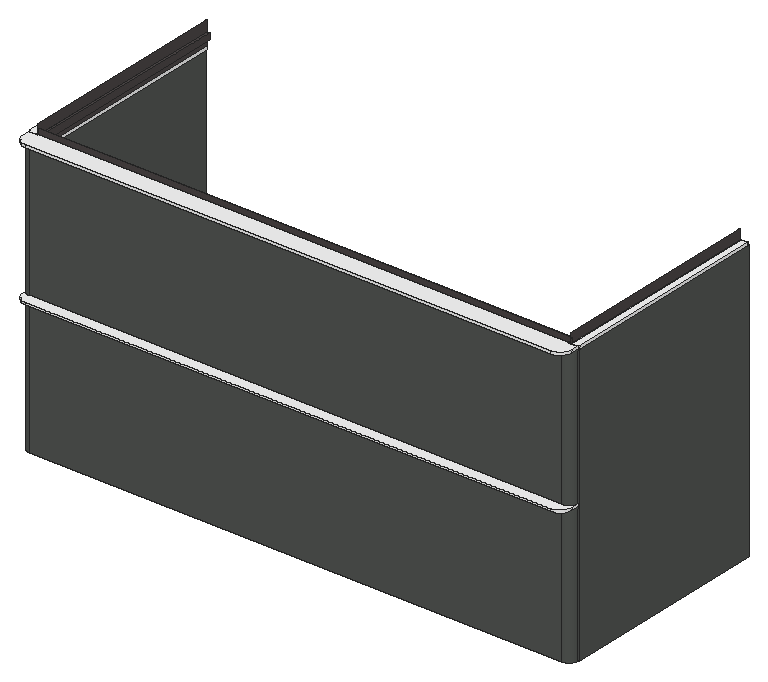
Revit family "vanity unit with 2 drawers", category Furniture, Revit 2019 (continued)
Definition of nested family "vanity unit 780_475 with 2 drawers for washbasin-54029000-natural oak-chrome-200_content"
  Parameters (values of type "Vanity unit 780_475 with 2 drawers for washbasin-54029000-Natural Oak-CHROME-200_Content")
    UNIFORMATII = "E2010 | Fixed Furnishings"
    UNICLASS_2015_CODE = "40_30_78_05"
    UNICLASS2015 = "Pr_40_30_78_05 | Bathroom furniture"
    SURFACE = "CHROME"
    REGIONSET = "Worldwide"
    PRODUCTURL = "https://pro.hansgrohe.com/articledetail--54029000"
    PRODUCTGROUP = "vanity unit"
    PRODUCTFAMILY = "Xelu Q"
    PERMALINK = "54029XXX"
    OMNICLASS = "23-21 19 15 33 13 | Residential Bathroom Specialty Casework"
    OBJECTTYPE = "Object (single object)"
    OBERFLAECHE = "Natural Oak"
    NN = "Vanity Unit with 2 Drawers"
    NBSYN = "$BASENUMBER.-$ARTNR.-$OBERFLAECHE.-$SURFACE.-$LODLEVEL."
    NB = "Vanity unit 780/475 with 2 drawers for washbasin-54029000-Natural Oak-CHROME-200"
    NAME = "Xelu Q Vanity unit Natural Oak 780/475 with 2 drawers for washbasin"
    Model = "Vanity unit 780/475 with 2 drawers for washbasin-54029000-Natural Oak-CHROME-200"
    Manufacturer = "Hansgrohe"
    MASTERFORMAT = "12 35 30.23 | Bathroom Casework"
    LODLEVEL = "200"
    LINA = "Vanity unit 780/475 with 2 drawers for washbasin-54029000-Natural Oak-CHROME-200"
    L = 780
    IFC = "Furnishing element"
    GTINCODE = "4059625455487"
    ETIM = "EC011381 | Bathroom furniture set"
    Default Elevation = 1219.2 mm
    DESIGN = "Germany"
    ContentVisible [instance] = yes
    CATALOG = "Hansgrohe"
    BIMOBJECT = "Sanitary: Compound units"
    BASENUMBER = "Vanity unit 780/475 with 2 drawers for washbasin"
    ARTNR = "54029000"
  Reference planes
    plane 1 "Center (Front/Back)": y = 0
    plane 2: z = 0
    plane 3 "Center (Left/Right)": x = 0
  Forms (mm)
    Extrusion 1, solid, visible <- "ContentVisible", detail levels medium+fine
      sketch origin (0, 0, 0) x (1, 0, 0) y (0, 1, 0)
        loop
          line (-390, 0) -> (-390, -476) -> (390, -476) -> (390, 0) -> (374, 0) -> (374, -72) -> (-374, -72) -> (-374, 0) -> (-390, 0)
      from 0 to 600
    Extrusion 2, solid, visible <- "ContentVisible", detail levels medium+fine
      sketch origin (0, 0, 297) x (1, 0, 0) y (0, 1, 0)
        loop
          line (-388.5, -453.5) -> (-388.5, -496) -> (388.5, -496) -> (388.5, -453.5) -> (-388.5, -453.5)
      from 0 to 5
    Extrusion 3, solid, visible <- "ContentVisible", detail levels medium+fine
      sketch origin (0, 0, 600) x (1, 0, 0) y (0, 1, 0)
        loop
          line (-388.5, -453.5) -> (-388.5, -496) -> (388.5, -496) -> (388.5, -453.5) -> (-388.5, -453.5)
      from 0 to 5
    Extrusion 4, solid, visible <- "ContentVisible", detail levels medium+fine
      sketch origin (0, 0, 0) x (1, 0, 0) y (0, 0, -1)
        loop
          line (-374, -566.8) -> (-374, -605) -> (-372.5, -605) -> (-372.5, -566.8) -> (-374, -566.8)
      from -455 to 0
    Extrusion 5, solid, visible <- "ContentVisible", detail levels medium+fine
      sketch origin (0, 0, 0) x (1, 0, 0) y (0, 0, -1)
        loop
          line (372.5, -566.8) -> (372.5, -605) -> (374, -605) -> (374, -566.8) -> (372.5, -566.8)
      from -455 to 0
    Extrusion 6, solid, visible <- "ContentVisible", detail levels medium+fine
      sketch origin (0, 0, 600) x (1, 0, 0) y (0, 1, 0)
        loop
          line (-390, 0) -> (-390, -455) -> (-374, -455) -> (-374, 0) -> (-390, 0)
      from 0 to 5
    Extrusion 7, solid, visible <- "ContentVisible", detail levels medium+fine
      sketch origin (0, 0, 600) x (1, 0, 0) y (0, 1, 0)
        loop
          line (374, 0) -> (374, -455) -> (390, -455) -> (390, 0) -> (374, 0)
      from 0 to 5
    Extrusion 8, solid, visible <- "ContentVisible", detail levels medium+fine
      sketch origin (0, 0, 0) x (1, 0, 0) y (0, 0, -1)
        loop
          line (-372.5, -575.3) -> (-372.5, -624.5) -> (-366.4, -624.5) -> (-366.4, -575.3) -> (-372.5, -575.3)
      from -453.5 to 0
    Extrusion 9, solid, visible <- "ContentVisible", detail levels medium+fine
      sketch origin (0, 0, 0) x (1, 0, 0) y (0, 0, -1)
        loop
          line (366.4, -575.3) -> (366.4, -624.5) -> (372.5, -624.5) -> (372.5, -575.3) -> (366.4, -575.3)
      from -453.5 to 0
    Extrusion 10, solid, visible <- "ContentVisible", detail levels medium+fine
      sketch origin (0, 0, 0) x (0, 0, -1) y (0, 1, 0)
        loop
          line (-616, -453.5) -> (-567, -453.5) -> (-567, -447.4) -> (-616, -447.4) -> (-616, -453.5)
      from -372.5 to 372.5
    Extrusion 11, solid, visible <- "ContentVisible", detail levels coarse
      sketch origin (0, -248, 0) x (1, 0, 0) y (0, 1, 0)
        loop
          line (-390, -248) -> (390, -248) -> (390, 248) -> (-390, 248) -> (-390, -248)
      from 0 to 624.5
  Dimensions and locks
    aligned and locked: level to plane 2
Definition of nested family "vanity unit 780_475 with 2 drawers for washbasin-54029000-natural oak-chrome-400_content"
  Parameters (values of type "Vanity unit 780_475 with 2 drawers for washbasin-54029000-Natural Oak-CHROME-400_Content")
    etim7_EC011381 = "EC011381"
    WEIGHT = "33.3"
    UNSPSC = "56 | Furniture and Furnishings"
    UNIFORMATII = "E2010 | Fixed Furnishings"
    UNICLASS_2015_CODE = "40_30_78_05"
    UNICLASS2015 = "Pr_40_30_78_05 | Bathroom furniture"
    SURFACE = "CHROME"
    REGIONSET = "Worldwide"
    PRODUCTURL = "https://pro.hansgrohe.com/articledetail--54029000"
    PRODUCTGROUP = "vanity unit"
    PRODUCTFAMILY = "Xelu Q"
    PERMALINK = "54029XXX"
    OMNICLASS = "23-21 19 15 33 13 | Residential Bathroom Specialty Casework"
    OBJECTTYPE = "Object (single object)"
    OBERFLAECHE = "Natural Oak"
    NN = "Vanity Unit with 2 Drawers"
    NBSYN = "$BASENUMBER.-$ARTNR.-$OBERFLAECHE.-$SURFACE.-$LODLEVEL."
    NB = "Vanity unit 780/475 with 2 drawers for washbasin-54029000-Natural Oak-CHROME-400"
    NAME = "Xelu Q Vanity unit Natural Oak 780/475 with 2 drawers for washbasin"
    Model = "Vanity unit 780/475 with 2 drawers for washbasin-54029000-Natural Oak-CHROME-400"
    Manufacturer = "Hansgrohe"
    MASTERFORMAT = "12 35 30.23 | Bathroom Casework"
    LODLEVEL = "400"
    LINA = "Vanity unit 780/475 with 2 drawers for washbasin-54029000-Natural Oak-CHROME-400"
    L = 780
    IFC = "Furnishing element"
    GTINCODE = "4059625455487"
    ETIM = "EC011381 | Bathroom furniture set"
    Default Elevation = 1219.2 mm
    DESIGN = "Germany"
    ContentVisible [instance] = yes
    CATALOG = "Hansgrohe"
    BIMOBJECT = "Sanitary: Compound units"
    BASENUMBER = "Vanity unit 780/475 with 2 drawers for washbasin"
    ARTNR = "54029000"
  Reference planes
    plane 1 "Center (Front/Back)": y = 0
    plane 2: z = 0
    plane 3 "Center (Left/Right)": x = 0
  Forms (mm)
    Extrusion 1, solid, visible <- "ContentVisible", detail levels medium+fine
      sketch origin (0, 0, 0) x (1, 0, 0) y (0, 1, 0)
        loop
          line (-390, 0) -> (-390, -452)
          arc (-390, -452) -> (-389.121, -454.121) -> (-387, -455) r 3
          line (-387, -455) -> (-374, -455) -> (-374, 0) -> (-390, 0)
      from 0 to 600
    Extrusion 2, solid, visible <- "ContentVisible", detail levels medium+fine
      sketch origin (0, 0, 2) x (1, 0, 0) y (0, 1, 0)
        loop
          line (-374, -88) -> (-374, -455) -> (374, -455) -> (374, -88) -> (-374, -88)
      from 0 to 16
    Extrusion 3, solid, visible <- "ContentVisible", detail levels medium+fine
      sketch origin (0, 0, 0) x (1, 0, 0) y (0, 1, 0)
        loop
          line (374, 0) -> (374, -455) -> (387, -455)
          arc (387, -455) -> (389.121, -454.121) -> (390, -452) r 3
          line (390, -452) -> (390, 0) -> (374, 0)
      from 0 to 600
    Extrusion 4, solid, visible <- "ContentVisible", detail levels medium+fine
      sketch origin (0, 0, 2) x (1, 0, 0) y (0, 1, 0)
        loop
          line (-374, -72) -> (-374, -88) -> (374, -88) -> (374, -72) -> (-374, -72)
      from 0 to 126
    Extrusion 5, solid, visible <- "ContentVisible", detail levels medium+fine
      sketch origin (0, 0, 2) x (1, 0, 0) y (0, 1, 0)
        loop
          arc (-390, -457) -> (-384.435, -470.435) -> (-371, -476) r 19
          line (-371, -476) -> (371, -476)
          arc (371, -476) -> (384.435, -470.435) -> (390, -457) r 19
          line (390, -457) -> (390, -455) -> (-390, -455) -> (-390, -457)
      from 0 to 295
    Extrusion 6, solid, visible <- "ContentVisible", detail levels medium+fine
      sketch origin (0, 0, 305) x (1, 0, 0) y (0, 1, 0)
        loop
          arc (-390, -457) -> (-384.435, -470.435) -> (-371, -476) r 19
          line (-371, -476) -> (371, -476)
          arc (371, -476) -> (384.435, -470.435) -> (390, -457) r 19
          line (390, -457) -> (390, -455) -> (-390, -455) -> (-390, -457)
      from 0 to 295
    Extrusion 7, solid, visible <- "ContentVisible", detail levels medium+fine
      sketch origin (0, 0, 297) x (1, 0, 0) y (0, 1, 0)
        loop
          line (-388.5, -455) -> (-388.5, -471)
          arc (-388.5, -471) -> (-381.178, -488.678) -> (-363.5, -496) r 25
          line (-363.5, -496) -> (363.5, -496)
          arc (363.5, -496) -> (381.178, -488.678) -> (388.5, -471) r 25
          line (388.5, -471) -> (388.5, -455) -> (368.5, -455) -> (368.5, -453.5) -> (-368.5, -453.5) -> (-368.5, -455) -> (-388.5, -455)
      from 0 to 5
    Extrusion 8, solid, visible <- "ContentVisible", detail levels medium+fine
      sketch origin (0, 0, 0) x (0, 0, -1) y (0, 1, 0)
        loop
          line (-297, -453.5) -> (-297, -455) -> (-267, -455) -> (-267, -453.5) -> (-297, -453.5)
      from -368.5 to 368.5
    Extrusion 9, solid, visible <- "ContentVisible", detail levels medium+fine
      sketch origin (0, 0, 600) x (1, 0, 0) y (0, 1, 0)
        loop
          line (-388.5, -455) -> (-388.5, -471)
          arc (-388.5, -471) -> (-381.178, -488.678) -> (-363.5, -496) r 25
          line (-363.5, -496) -> (363.5, -496)
          arc (363.5, -496) -> (381.178, -488.678) -> (388.5, -471) r 25
          line (388.5, -471) -> (388.5, -455) -> (368.5, -455) -> (368.5, -453.5) -> (-368.5, -453.5) -> (-368.5, -455) -> (-388.5, -455)
      from 0 to 5
    Extrusion 10, solid, visible <- "ContentVisible", detail levels medium+fine
      sketch origin (0, 0, 0) x (0, 0, -1) y (0, 1, 0)
        loop
          line (-600, -453.5) -> (-600, -455) -> (-570, -455) -> (-570, -453.5) -> (-600, -453.5)
      from -368.5 to 368.5
    Extrusion 11, solid, visible <- "ContentVisible", detail levels medium+fine
      sketch origin (0, 0, 0) x (1, 0, 0) y (0, 0, -1)
        loop
          line (-374, -566.8) -> (-374, -605) -> (-372.5, -605) -> (-372.5, -566.8) -> (-374, -566.8)
      from -455 to 0
    Extrusion 12, solid, visible <- "ContentVisible", detail levels medium+fine
      sketch origin (0, 0, 0) x (1, 0, 0) y (0, 0, -1)
        loop
          line (372.5, -566.8) -> (372.5, -605) -> (374, -605) -> (374, -566.8) -> (372.5, -566.8)
      from -455 to 0
    Extrusion 13, solid, visible <- "ContentVisible", detail levels medium+fine
      sketch origin (0, 0, 600) x (1, 0, 0) y (0, 1, 0)
        loop
          line (-390, -3) -> (-390, -452)
          arc (-390, -452) -> (-389.121, -454.121) -> (-387, -455) r 3
          line (-387, -455) -> (-374, -455) -> (-374, 0) -> (-387, 0)
          arc (-387, 0) -> (-389.121, -0.879) -> (-390, -3) r 3
      from 0 to 5
    Extrusion 14, solid, visible <- "ContentVisible", detail levels medium+fine
      sketch origin (0, 0, 600) x (1, 0, 0) y (0, 1, 0)
        loop
          line (374, 0) -> (374, -455) -> (387, -455)
          arc (387, -455) -> (389.121, -454.121) -> (390, -452) r 3
          line (390, -452) -> (390, -3)
          arc (390, -3) -> (389.121, -0.879) -> (387, 0) r 3
          line (387, 0) -> (374, 0)
      from 0 to 5
    Extrusion 15, solid, visible <- "ContentVisible", detail levels medium+fine
      sketch origin (0, 0, 0) x (1, 0, 0) y (0, 0, -1)
        loop
          line (-372.5, -575.3) -> (-372.5, -624.5) -> (-371, -624.5) -> (-371, -602.8) -> (-366.4, -602.8) -> (-366.4, -588.3) -> (-371, -588.3) -> (-371, -575.3) -> (-372.5, -575.3)
      from -453.5 to 0
    Extrusion 16, solid, visible <- "ContentVisible", detail levels medium+fine
      sketch origin (0, 0, 0) x (1, 0, 0) y (0, 0, -1)
        loop
          line (366.4, -588.3) -> (366.4, -602.8) -> (371, -602.8) -> (371, -624.5) -> (372.5, -624.5) -> (372.5, -575.3) -> (371, -575.3) -> (371, -588.3) -> (366.4, -588.3)
      from -453.5 to 0
    Extrusion 17, solid, visible <- "ContentVisible", detail levels medium+fine
      sketch origin (0, 0, 0) x (0, 0, -1) y (0, 1, 0)
        loop
          line (-616, -453.5) -> (-567, -453.5) -> (-567, -452) -> (-588.5, -452) -> (-588.5, -447.4) -> (-603, -447.4) -> (-603, -452) -> (-616, -452) -> (-616, -453.5)
      from -372.5 to 372.5
    Extrusion 18, solid, visible <- "ContentVisible", detail levels coarse
      sketch origin (0, -248, 0) x (1, 0, 0) y (0, 1, 0)
        loop
          line (-390, -248) -> (390, -248) -> (390, 248) -> (-390, 248) -> (-390, -248)
      from 0 to 624.5
  Dimensions and locks
    aligned and locked: level to plane 2
Definition of nested family "vanity unit 780_475 with 2 drawers for washbasin-54029670-natural oak-matt_black-200_content"
  Parameters (values of type "Vanity unit 780_475 with 2 drawers for washbasin-54029670-Natural Oak-MATT_BLACK-200_Content")
    etim7_EC011381 = "EC011381"
    WEIGHT = "33.3"
    UNSPSC = "56 | Furniture and Furnishings"
    UNIFORMATII = "E2010 | Fixed Furnishings"
    UNICLASS_2015_CODE = "40_30_78_05"
    UNICLASS2015 = "Pr_40_30_78_05 | Bathroom furniture"
    SURFACE = "MATT_BLACK"
    REGIONSET = "Worldwide"
    PRODUCTURL = "https://pro.hansgrohe.com/articledetail--54029000"
    PRODUCTGROUP = "vanity unit"
    PRODUCTFAMILY = "Xelu Q"
    PERMALINK = "54029XXX"
    OMNICLASS = "23-21 19 15 33 13 | Residential Bathroom Specialty Casework"
    OBJECTTYPE = "Object (single object)"
    OBERFLAECHE = "Natural Oak"
    NN = "Vanity Unit with 2 Drawers"
    NBSYN = "$BASENUMBER.-$ARTNR.-$OBERFLAECHE.-$SURFACE.-$LODLEVEL."
    NB = "Vanity unit 780/475 with 2 drawers for washbasin-54029670-Natural Oak-MATT_BLACK-200"
    NAME = "Xelu Q Vanity unit Natural Oak 780/475 with 2 drawers for washbasin"
    Model = "Vanity unit 780/475 with 2 drawers for washbasin-54029670-Natural Oak-MATT_BLACK-200"
    Manufacturer = "Hansgrohe"
    MASTERFORMAT = "12 35 30.23 | Bathroom Casework"
    LODLEVEL = "200"
    LINA = "Vanity unit 780/475 with 2 drawers for washbasin-54029670-Natural Oak-MATT_BLACK-200"
    L = 780
    IFC = "Furnishing element"
    GTINCODE = "4059625455487"
    ETIM = "EC011381 | Bathroom furniture set"
    Default Elevation = 1219.2 mm
    DESIGN = "Germany"
    ContentVisible [instance] = yes
    CATALOG = "Hansgrohe"
    BIMOBJECT = "Sanitary: Compound units"
    BASENUMBER = "Vanity unit 780/475 with 2 drawers for washbasin"
    ARTNR = "54029670"
  Reference planes
    plane 1 "Center (Front/Back)": y = 0
    plane 2: z = 0
    plane 3 "Center (Left/Right)": x = 0
  Forms (mm)
    Extrusion 1, solid, visible <- "ContentVisible", detail levels medium+fine
      sketch origin (0, 0, 0) x (1, 0, 0) y (0, 1, 0)
        loop
          line (-390, 0) -> (-390, -476) -> (390, -476) -> (390, 0) -> (374, 0) -> (374, -72) -> (-374, -72) -> (-374, 0) -> (-390, 0)
      from 0 to 600
    Extrusion 2, solid, visible <- "ContentVisible", detail levels medium+fine
      sketch origin (0, 0, 297) x (1, 0, 0) y (0, 1, 0)
        loop
          line (-388.5, -453.5) -> (-388.5, -496) -> (388.5, -496) -> (388.5, -453.5) -> (-388.5, -453.5)
      from 0 to 5
    Extrusion 3, solid, visible <- "ContentVisible", detail levels medium+fine
      sketch origin (0, 0, 600) x (1, 0, 0) y (0, 1, 0)
        loop
          line (-388.5, -453.5) -> (-388.5, -496) -> (388.5, -496) -> (388.5, -453.5) -> (-388.5, -453.5)
      from 0 to 5
    Extrusion 4, solid, visible <- "ContentVisible", detail levels medium+fine
      sketch origin (0, 0, 0) x (1, 0, 0) y (0, 0, -1)
        loop
          line (-374, -566.8) -> (-374, -605) -> (-372.5, -605) -> (-372.5, -566.8) -> (-374, -566.8)
      from -455 to 0
    Extrusion 5, solid, visible <- "ContentVisible", detail levels medium+fine
      sketch origin (0, 0, 0) x (1, 0, 0) y (0, 0, -1)
        loop
          line (372.5, -566.8) -> (372.5, -605) -> (374, -605) -> (374, -566.8) -> (372.5, -566.8)
      from -455 to 0
    Extrusion 6, solid, visible <- "ContentVisible", detail levels medium+fine
      sketch origin (0, 0, 600) x (1, 0, 0) y (0, 1, 0)
        loop
          line (-390, 0) -> (-390, -455) -> (-374, -455) -> (-374, 0) -> (-390, 0)
      from 0 to 5
    Extrusion 7, solid, visible <- "ContentVisible", detail levels medium+fine
      sketch origin (0, 0, 600) x (1, 0, 0) y (0, 1, 0)
        loop
          line (374, 0) -> (374, -455) -> (390, -455) -> (390, 0) -> (374, 0)
      from 0 to 5
    Extrusion 8, solid, visible <- "ContentVisible", detail levels medium+fine
      sketch origin (0, 0, 0) x (1, 0, 0) y (0, 0, -1)
        loop
          line (-372.5, -575.3) -> (-372.5, -624.5) -> (-366.4, -624.5) -> (-366.4, -575.3) -> (-372.5, -575.3)
      from -453.5 to 0
    Extrusion 9, solid, visible <- "ContentVisible", detail levels medium+fine
      sketch origin (0, 0, 0) x (1, 0, 0) y (0, 0, -1)
        loop
          line (366.4, -575.3) -> (366.4, -624.5) -> (372.5, -624.5) -> (372.5, -575.3) -> (366.4, -575.3)
      from -453.5 to 0
    Extrusion 10, solid, visible <- "ContentVisible", detail levels medium+fine
      sketch origin (0, 0, 0) x (0, 0, -1) y (0, 1, 0)
        loop
          line (-616, -453.5) -> (-567, -453.5) -> (-567, -447.4) -> (-616, -447.4) -> (-616, -453.5)
      from -372.5 to 372.5
    Extrusion 11, solid, visible <- "ContentVisible", detail levels coarse
      sketch origin (0, -248, 0) x (1, 0, 0) y (0, 1, 0)
        loop
          line (-390, -248) -> (390, -248) -> (390, 248) -> (-390, 248) -> (-390, -248)
      from 0 to 624.5
  Dimensions and locks
    aligned and locked: level to plane 2
Definition of nested family "vanity unit 780_475 with 2 drawers for washbasin-54029670-natural oak-matt_black-400_content"
  Parameters (values of type "Vanity unit 780_475 with 2 drawers for washbasin-54029670-Natural Oak-MATT_BLACK-400_Content")
    etim7_EC011381 = "EC011381"
    WEIGHT = "33.3"
    UNSPSC = "56 | Furniture and Furnishings"
    UNIFORMATII = "E2010 | Fixed Furnishings"
    UNICLASS_2015_CODE = "40_30_78_05"
    UNICLASS2015 = "Pr_40_30_78_05 | Bathroom furniture"
    SURFACE = "MATT_BLACK"
    REGIONSET = "Worldwide"
    PRODUCTURL = "https://pro.hansgrohe.com/articledetail--54029000"
    PRODUCTGROUP = "vanity unit"
    PRODUCTFAMILY = "Xelu Q"
    PERMALINK = "54029XXX"
    OMNICLASS = "23-21 19 15 33 13 | Residential Bathroom Specialty Casework"
    OBJECTTYPE = "Object (single object)"
    OBERFLAECHE = "Natural Oak"
    NN = "Vanity Unit with 2 Drawers"
    NBSYN = "$BASENUMBER.-$ARTNR.-$OBERFLAECHE.-$SURFACE.-$LODLEVEL."
    NB = "Vanity unit 780/475 with 2 drawers for washbasin-54029670-Natural Oak-MATT_BLACK-400"
    NAME = "Xelu Q Vanity unit Natural Oak 780/475 with 2 drawers for washbasin"
    Model = "Vanity unit 780/475 with 2 drawers for washbasin-54029670-Natural Oak-MATT_BLACK-400"
    Manufacturer = "Hansgrohe"
    MASTERFORMAT = "12 35 30.23 | Bathroom Casework"
    LODLEVEL = "400"
    LINA = "Vanity unit 780/475 with 2 drawers for washbasin-54029670-Natural Oak-MATT_BLACK-400"
    L = 780
    IFC = "Furnishing element"
    GTINCODE = "4059625455487"
    ETIM = "EC011381 | Bathroom furniture set"
    Default Elevation = 1219.2 mm
    DESIGN = "Germany"
    ContentVisible [instance] = yes
    CATALOG = "Hansgrohe"
    BIMOBJECT = "Sanitary: Compound units"
    BASENUMBER = "Vanity unit 780/475 with 2 drawers for washbasin"
    ARTNR = "54029670"
  Reference planes
    plane 1 "Center (Front/Back)": y = 0
    plane 2: z = 0
    plane 3 "Center (Left/Right)": x = 0
  Forms (mm)
    Extrusion 1, solid, visible <- "ContentVisible", detail levels medium+fine
      sketch origin (0, 0, 0) x (1, 0, 0) y (0, 1, 0)
        loop
          line (-390, 0) -> (-390, -452)
          arc (-390, -452) -> (-389.121, -454.121) -> (-387, -455) r 3
          line (-387, -455) -> (-374, -455) -> (-374, 0) -> (-390, 0)
      from 0 to 600
    Extrusion 2, solid, visible <- "ContentVisible", detail levels medium+fine
      sketch origin (0, 0, 2) x (1, 0, 0) y (0, 1, 0)
        loop
          line (-374, -88) -> (-374, -455) -> (374, -455) -> (374, -88) -> (-374, -88)
      from 0 to 16
    Extrusion 3, solid, visible <- "ContentVisible", detail levels medium+fine
      sketch origin (0, 0, 0) x (1, 0, 0) y (0, 1, 0)
        loop
          line (374, 0) -> (374, -455) -> (387, -455)
          arc (387, -455) -> (389.121, -454.121) -> (390, -452) r 3
          line (390, -452) -> (390, 0) -> (374, 0)
      from 0 to 600
    Extrusion 4, solid, visible <- "ContentVisible", detail levels medium+fine
      sketch origin (0, 0, 2) x (1, 0, 0) y (0, 1, 0)
        loop
          line (-374, -72) -> (-374, -88) -> (374, -88) -> (374, -72) -> (-374, -72)
      from 0 to 126
    Extrusion 5, solid, visible <- "ContentVisible", detail levels medium+fine
      sketch origin (0, 0, 2) x (1, 0, 0) y (0, 1, 0)
        loop
          arc (-390, -457) -> (-384.435, -470.435) -> (-371, -476) r 19
          line (-371, -476) -> (371, -476)
          arc (371, -476) -> (384.435, -470.435) -> (390, -457) r 19
          line (390, -457) -> (390, -455) -> (-390, -455) -> (-390, -457)
      from 0 to 295
    Extrusion 6, solid, visible <- "ContentVisible", detail levels medium+fine
      sketch origin (0, 0, 305) x (1, 0, 0) y (0, 1, 0)
        loop
          arc (-390, -457) -> (-384.435, -470.435) -> (-371, -476) r 19
          line (-371, -476) -> (371, -476)
          arc (371, -476) -> (384.435, -470.435) -> (390, -457) r 19
          line (390, -457) -> (390, -455) -> (-390, -455) -> (-390, -457)
      from 0 to 295
    Extrusion 7, solid, visible <- "ContentVisible", detail levels medium+fine
      sketch origin (0, 0, 297) x (1, 0, 0) y (0, 1, 0)
        loop
          line (-388.5, -455) -> (-388.5, -471)
          arc (-388.5, -471) -> (-381.178, -488.678) -> (-363.5, -496) r 25
          line (-363.5, -496) -> (363.5, -496)
          arc (363.5, -496) -> (381.178, -488.678) -> (388.5, -471) r 25
          line (388.5, -471) -> (388.5, -455) -> (368.5, -455) -> (368.5, -453.5) -> (-368.5, -453.5) -> (-368.5, -455) -> (-388.5, -455)
      from 0 to 5
    Extrusion 8, solid, visible <- "ContentVisible", detail levels medium+fine
      sketch origin (0, 0, 0) x (0, 0, -1) y (0, 1, 0)
        loop
          line (-297, -453.5) -> (-297, -455) -> (-267, -455) -> (-267, -453.5) -> (-297, -453.5)
      from -368.5 to 368.5
    Extrusion 9, solid, visible <- "ContentVisible", detail levels medium+fine
      sketch origin (0, 0, 600) x (1, 0, 0) y (0, 1, 0)
        loop
          line (-388.5, -455) -> (-388.5, -471)
          arc (-388.5, -471) -> (-381.178, -488.678) -> (-363.5, -496) r 25
          line (-363.5, -496) -> (363.5, -496)
          arc (363.5, -496) -> (381.178, -488.678) -> (388.5, -471) r 25
          line (388.5, -471) -> (388.5, -455) -> (368.5, -455) -> (368.5, -453.5) -> (-368.5, -453.5) -> (-368.5, -455) -> (-388.5, -455)
      from 0 to 5
    Extrusion 10, solid, visible <- "ContentVisible", detail levels medium+fine
      sketch origin (0, 0, 0) x (0, 0, -1) y (0, 1, 0)
        loop
          line (-600, -453.5) -> (-600, -455) -> (-570, -455) -> (-570, -453.5) -> (-600, -453.5)
      from -368.5 to 368.5
    Extrusion 11, solid, visible <- "ContentVisible", detail levels medium+fine
      sketch origin (0, 0, 0) x (1, 0, 0) y (0, 0, -1)
        loop
          line (-374, -566.8) -> (-374, -605) -> (-372.5, -605) -> (-372.5, -566.8) -> (-374, -566.8)
      from -455 to 0
    Extrusion 12, solid, visible <- "ContentVisible", detail levels medium+fine
      sketch origin (0, 0, 0) x (1, 0, 0) y (0, 0, -1)
        loop
          line (372.5, -566.8) -> (372.5, -605) -> (374, -605) -> (374, -566.8) -> (372.5, -566.8)
      from -455 to 0
    Extrusion 13, solid, visible <- "ContentVisible", detail levels medium+fine
      sketch origin (0, 0, 600) x (1, 0, 0) y (0, 1, 0)
        loop
          line (-390, -3) -> (-390, -452)
          arc (-390, -452) -> (-389.121, -454.121) -> (-387, -455) r 3
          line (-387, -455) -> (-374, -455) -> (-374, 0) -> (-387, 0)
          arc (-387, 0) -> (-389.121, -0.879) -> (-390, -3) r 3
      from 0 to 5
    Extrusion 14, solid, visible <- "ContentVisible", detail levels medium+fine
      sketch origin (0, 0, 600) x (1, 0, 0) y (0, 1, 0)
        loop
          line (374, 0) -> (374, -455) -> (387, -455)
          arc (387, -455) -> (389.121, -454.121) -> (390, -452) r 3
          line (390, -452) -> (390, -3)
          arc (390, -3) -> (389.121, -0.879) -> (387, 0) r 3
          line (387, 0) -> (374, 0)
      from 0 to 5
    Extrusion 15, solid, visible <- "ContentVisible", detail levels medium+fine
      sketch origin (0, 0, 0) x (1, 0, 0) y (0, 0, -1)
        loop
          line (-372.5, -575.3) -> (-372.5, -624.5) -> (-371, -624.5) -> (-371, -602.8) -> (-366.4, -602.8) -> (-366.4, -588.3) -> (-371, -588.3) -> (-371, -575.3) -> (-372.5, -575.3)
      from -453.5 to 0
    Extrusion 16, solid, visible <- "ContentVisible", detail levels medium+fine
      sketch origin (0, 0, 0) x (1, 0, 0) y (0, 0, -1)
        loop
          line (366.4, -588.3) -> (366.4, -602.8) -> (371, -602.8) -> (371, -624.5) -> (372.5, -624.5) -> (372.5, -575.3) -> (371, -575.3) -> (371, -588.3) -> (366.4, -588.3)
      from -453.5 to 0
    Extrusion 17, solid, visible <- "ContentVisible", detail levels medium+fine
      sketch origin (0, 0, 0) x (0, 0, -1) y (0, 1, 0)
        loop
          line (-616, -453.5) -> (-567, -453.5) -> (-567, -452) -> (-588.5, -452) -> (-588.5, -447.4) -> (-603, -447.4) -> (-603, -452) -> (-616, -452) -> (-616, -453.5)
      from -372.5 to 372.5
    Extrusion 18, solid, visible <- "ContentVisible", detail levels coarse
      sketch origin (0, -248, 0) x (1, 0, 0) y (0, 1, 0)
        loop
          line (-390, -248) -> (390, -248) -> (390, 248) -> (-390, 248) -> (-390, -248)
      from 0 to 624.5
  Dimensions and locks
    aligned and locked: level to plane 2
Definition of nested family "vanity unit 780_475 with 2 drawers for washbasin-54029700-natural oak-matt_white-200_content"
  Parameters (values of type "Vanity unit 780_475 with 2 drawers for washbasin-54029700-Natural Oak-MATT_WHITE-200_Content")
    etim7_EC011381 = "EC011381"
    WEIGHT = "33.3"
    UNSPSC = "56 | Furniture and Furnishings"
    UNIFORMATII = "E2010 | Fixed Furnishings"
    UNICLASS_2015_CODE = "40_30_78_05"
    UNICLASS2015 = "Pr_40_30_78_05 | Bathroom furniture"
    SURFACE = "MATT_WHITE"
    REGIONSET = "Worldwide"
    PRODUCTURL = "https://pro.hansgrohe.com/articledetail--54029000"
    PRODUCTGROUP = "vanity unit"
    PRODUCTFAMILY = "Xelu Q"
    PERMALINK = "54029XXX"
    OMNICLASS = "23-21 19 15 33 13 | Residential Bathroom Specialty Casework"
    OBJECTTYPE = "Object (single object)"
    OBERFLAECHE = "Natural Oak"
    NN = "Vanity Unit with 2 Drawers"
    NBSYN = "$BASENUMBER.-$ARTNR.-$OBERFLAECHE.-$SURFACE.-$LODLEVEL."
    NB = "Vanity unit 780/475 with 2 drawers for washbasin-54029700-Natural Oak-MATT_WHITE-200"
    NAME = "Xelu Q Vanity unit Natural Oak 780/475 with 2 drawers for washbasin"
    Model = "Vanity unit 780/475 with 2 drawers for washbasin-54029700-Natural Oak-MATT_WHITE-200"
    Manufacturer = "Hansgrohe"
    MASTERFORMAT = "12 35 30.23 | Bathroom Casework"
    LODLEVEL = "200"
    LINA = "Vanity unit 780/475 with 2 drawers for washbasin-54029700-Natural Oak-MATT_WHITE-200"
    L = 780
    IFC = "Furnishing element"
    GTINCODE = "4059625455487"
    ETIM = "EC011381 | Bathroom furniture set"
    Default Elevation = 1219.2 mm
    DESIGN = "Germany"
    ContentVisible [instance] = yes
    CATALOG = "Hansgrohe"
    BIMOBJECT = "Sanitary: Compound units"
    BASENUMBER = "Vanity unit 780/475 with 2 drawers for washbasin"
    ARTNR = "54029700"
  Reference planes
    plane 1 "Center (Front/Back)": y = 0
    plane 2: z = 0
    plane 3 "Center (Left/Right)": x = 0
  Forms (mm)
    Extrusion 1, solid, visible <- "ContentVisible", detail levels medium+fine
      sketch origin (0, 0, 0) x (1, 0, 0) y (0, 1, 0)
        loop
          line (-390, 0) -> (-390, -476) -> (390, -476) -> (390, 0) -> (374, 0) -> (374, -72) -> (-374, -72) -> (-374, 0) -> (-390, 0)
      from 0 to 600
    Extrusion 2, solid, visible <- "ContentVisible", detail levels medium+fine
      sketch origin (0, 0, 297) x (1, 0, 0) y (0, 1, 0)
        loop
          line (-388.5, -453.5) -> (-388.5, -496) -> (388.5, -496) -> (388.5, -453.5) -> (-388.5, -453.5)
      from 0 to 5
    Extrusion 3, solid, visible <- "ContentVisible", detail levels medium+fine
      sketch origin (0, 0, 600) x (1, 0, 0) y (0, 1, 0)
        loop
          line (-388.5, -453.5) -> (-388.5, -496) -> (388.5, -496) -> (388.5, -453.5) -> (-388.5, -453.5)
      from 0 to 5
    Extrusion 4, solid, visible <- "ContentVisible", detail levels medium+fine
      sketch origin (0, 0, 0) x (1, 0, 0) y (0, 0, -1)
        loop
          line (-374, -566.8) -> (-374, -605) -> (-372.5, -605) -> (-372.5, -566.8) -> (-374, -566.8)
      from -455 to 0
    Extrusion 5, solid, visible <- "ContentVisible", detail levels medium+fine
      sketch origin (0, 0, 0) x (1, 0, 0) y (0, 0, -1)
        loop
          line (372.5, -566.8) -> (372.5, -605) -> (374, -605) -> (374, -566.8) -> (372.5, -566.8)
      from -455 to 0
    Extrusion 6, solid, visible <- "ContentVisible", detail levels medium+fine
      sketch origin (0, 0, 600) x (1, 0, 0) y (0, 1, 0)
        loop
          line (-390, 0) -> (-390, -455) -> (-374, -455) -> (-374, 0) -> (-390, 0)
      from 0 to 5
    Extrusion 7, solid, visible <- "ContentVisible", detail levels medium+fine
      sketch origin (0, 0, 600) x (1, 0, 0) y (0, 1, 0)
        loop
          line (374, 0) -> (374, -455) -> (390, -455) -> (390, 0) -> (374, 0)
      from 0 to 5
    Extrusion 8, solid, visible <- "ContentVisible", detail levels medium+fine
      sketch origin (0, 0, 0) x (1, 0, 0) y (0, 0, -1)
        loop
          line (-372.5, -575.3) -> (-372.5, -624.5) -> (-366.4, -624.5) -> (-366.4, -575.3) -> (-372.5, -575.3)
      from -453.5 to 0
    Extrusion 9, solid, visible <- "ContentVisible", detail levels medium+fine
      sketch origin (0, 0, 0) x (1, 0, 0) y (0, 0, -1)
        loop
          line (366.4, -575.3) -> (366.4, -624.5) -> (372.5, -624.5) -> (372.5, -575.3) -> (366.4, -575.3)
      from -453.5 to 0
    Extrusion 10, solid, visible <- "ContentVisible", detail levels medium+fine
      sketch origin (0, 0, 0) x (0, 0, -1) y (0, 1, 0)
        loop
          line (-616, -453.5) -> (-567, -453.5) -> (-567, -447.4) -> (-616, -447.4) -> (-616, -453.5)
      from -372.5 to 372.5
    Extrusion 11, solid, visible <- "ContentVisible", detail levels coarse
      sketch origin (0, -248, 0) x (1, 0, 0) y (0, 1, 0)
        loop
          line (-390, -248) -> (390, -248) -> (390, 248) -> (-390, 248) -> (-390, -248)
      from 0 to 624.5
  Dimensions and locks
    aligned and locked: level to plane 2
Definition of nested family "vanity unit 780_475 with 2 drawers for washbasin-54029700-natural oak-matt_white-400_content"
  Parameters (values of type "Vanity unit 780_475 with 2 drawers for washbasin-54029700-Natural Oak-MATT_WHITE-400_Content")
    etim7_EC011381 = "EC011381"
    WEIGHT = "33.3"
    UNSPSC = "56 | Furniture and Furnishings"
    UNIFORMATII = "E2010 | Fixed Furnishings"
    UNICLASS_2015_CODE = "40_30_78_05"
    UNICLASS2015 = "Pr_40_30_78_05 | Bathroom furniture"
    SURFACE = "MATT_WHITE"
    REGIONSET = "Worldwide"
    PRODUCTURL = "https://pro.hansgrohe.com/articledetail--54029000"
    PRODUCTGROUP = "vanity unit"
    PRODUCTFAMILY = "Xelu Q"
    PERMALINK = "54029XXX"
    OMNICLASS = "23-21 19 15 33 13 | Residential Bathroom Specialty Casework"
    OBJECTTYPE = "Object (single object)"
    OBERFLAECHE = "Natural Oak"
    NN = "Vanity Unit with 2 Drawers"
    NBSYN = "$BASENUMBER.-$ARTNR.-$OBERFLAECHE.-$SURFACE.-$LODLEVEL."
    NB = "Vanity unit 780/475 with 2 drawers for washbasin-54029700-Natural Oak-MATT_WHITE-400"
    NAME = "Xelu Q Vanity unit Natural Oak 780/475 with 2 drawers for washbasin"
    Model = "Vanity unit 780/475 with 2 drawers for washbasin-54029700-Natural Oak-MATT_WHITE-400"
    Manufacturer = "Hansgrohe"
    MASTERFORMAT = "12 35 30.23 | Bathroom Casework"
    LODLEVEL = "400"
    LINA = "Vanity unit 780/475 with 2 drawers for washbasin-54029700-Natural Oak-MATT_WHITE-400"
    L = 780
    IFC = "Furnishing element"
    GTINCODE = "4059625455487"
    ETIM = "EC011381 | Bathroom furniture set"
    Default Elevation = 1219.2 mm
    DESIGN = "Germany"
    ContentVisible [instance] = yes
    CATALOG = "Hansgrohe"
    BIMOBJECT = "Sanitary: Compound units"
    BASENUMBER = "Vanity unit 780/475 with 2 drawers for washbasin"
    ARTNR = "54029700"
  Reference planes
    plane 1 "Center (Front/Back)": y = 0
    plane 2: z = 0
    plane 3 "Center (Left/Right)": x = 0
  Forms (mm)
    Extrusion 1, solid, visible <- "ContentVisible", detail levels medium+fine
      sketch origin (0, 0, 0) x (1, 0, 0) y (0, 1, 0)
        loop
          line (-390, 0) -> (-390, -452)
          arc (-390, -452) -> (-389.121, -454.121) -> (-387, -455) r 3
          line (-387, -455) -> (-374, -455) -> (-374, 0) -> (-390, 0)
      from 0 to 600
    Extrusion 2, solid, visible <- "ContentVisible", detail levels medium+fine
      sketch origin (0, 0, 2) x (1, 0, 0) y (0, 1, 0)
        loop
          line (-374, -88) -> (-374, -455) -> (374, -455) -> (374, -88) -> (-374, -88)
      from 0 to 16
    Extrusion 3, solid, visible <- "ContentVisible", detail levels medium+fine
      sketch origin (0, 0, 0) x (1, 0, 0) y (0, 1, 0)
        loop
          line (374, 0) -> (374, -455) -> (387, -455)
          arc (387, -455) -> (389.121, -454.121) -> (390, -452) r 3
          line (390, -452) -> (390, 0) -> (374, 0)
      from 0 to 600
    Extrusion 4, solid, visible <- "ContentVisible", detail levels medium+fine
      sketch origin (0, 0, 2) x (1, 0, 0) y (0, 1, 0)
        loop
          line (-374, -72) -> (-374, -88) -> (374, -88) -> (374, -72) -> (-374, -72)
      from 0 to 126
    Extrusion 5, solid, visible <- "ContentVisible", detail levels medium+fine
      sketch origin (0, 0, 2) x (1, 0, 0) y (0, 1, 0)
        loop
          arc (-390, -457) -> (-384.435, -470.435) -> (-371, -476) r 19
          line (-371, -476) -> (371, -476)
          arc (371, -476) -> (384.435, -470.435) -> (390, -457) r 19
          line (390, -457) -> (390, -455) -> (-390, -455) -> (-390, -457)
      from 0 to 295
    Extrusion 6, solid, visible <- "ContentVisible", detail levels medium+fine
      sketch origin (0, 0, 305) x (1, 0, 0) y (0, 1, 0)
        loop
          arc (-390, -457) -> (-384.435, -470.435) -> (-371, -476) r 19
          line (-371, -476) -> (371, -476)
          arc (371, -476) -> (384.435, -470.435) -> (390, -457) r 19
          line (390, -457) -> (390, -455) -> (-390, -455) -> (-390, -457)
      from 0 to 295
    Extrusion 7, solid, visible <- "ContentVisible", detail levels medium+fine
      sketch origin (0, 0, 297) x (1, 0, 0) y (0, 1, 0)
        loop
          line (-388.5, -455) -> (-388.5, -471)
          arc (-388.5, -471) -> (-381.178, -488.678) -> (-363.5, -496) r 25
          line (-363.5, -496) -> (363.5, -496)
          arc (363.5, -496) -> (381.178, -488.678) -> (388.5, -471) r 25
          line (388.5, -471) -> (388.5, -455) -> (368.5, -455) -> (368.5, -453.5) -> (-368.5, -453.5) -> (-368.5, -455) -> (-388.5, -455)
      from 0 to 5
    Extrusion 8, solid, visible <- "ContentVisible", detail levels medium+fine
      sketch origin (0, 0, 0) x (0, 0, -1) y (0, 1, 0)
        loop
          line (-297, -453.5) -> (-297, -455) -> (-267, -455) -> (-267, -453.5) -> (-297, -453.5)
      from -368.5 to 368.5
    Extrusion 9, solid, visible <- "ContentVisible", detail levels medium+fine
      sketch origin (0, 0, 600) x (1, 0, 0) y (0, 1, 0)
        loop
          line (-388.5, -455) -> (-388.5, -471)
          arc (-388.5, -471) -> (-381.178, -488.678) -> (-363.5, -496) r 25
          line (-363.5, -496) -> (363.5, -496)
          arc (363.5, -496) -> (381.178, -488.678) -> (388.5, -471) r 25
          line (388.5, -471) -> (388.5, -455) -> (368.5, -455) -> (368.5, -453.5) -> (-368.5, -453.5) -> (-368.5, -455) -> (-388.5, -455)
      from 0 to 5
    Extrusion 10, solid, visible <- "ContentVisible", detail levels medium+fine
      sketch origin (0, 0, 0) x (0, 0, -1) y (0, 1, 0)
        loop
          line (-600, -453.5) -> (-600, -455) -> (-570, -455) -> (-570, -453.5) -> (-600, -453.5)
      from -368.5 to 368.5
    Extrusion 11, solid, visible <- "ContentVisible", detail levels medium+fine
      sketch origin (0, 0, 0) x (1, 0, 0) y (0, 0, -1)
        loop
          line (-374, -566.8) -> (-374, -605) -> (-372.5, -605) -> (-372.5, -566.8) -> (-374, -566.8)
      from -455 to 0
    Extrusion 12, solid, visible <- "ContentVisible", detail levels medium+fine
      sketch origin (0, 0, 0) x (1, 0, 0) y (0, 0, -1)
        loop
          line (372.5, -566.8) -> (372.5, -605) -> (374, -605) -> (374, -566.8) -> (372.5, -566.8)
      from -455 to 0
    Extrusion 13, solid, visible <- "ContentVisible", detail levels medium+fine
      sketch origin (0, 0, 600) x (1, 0, 0) y (0, 1, 0)
        loop
          line (-390, -3) -> (-390, -452)
          arc (-390, -452) -> (-389.121, -454.121) -> (-387, -455) r 3
          line (-387, -455) -> (-374, -455) -> (-374, 0) -> (-387, 0)
          arc (-387, 0) -> (-389.121, -0.879) -> (-390, -3) r 3
      from 0 to 5
    Extrusion 14, solid, visible <- "ContentVisible", detail levels medium+fine
      sketch origin (0, 0, 600) x (1, 0, 0) y (0, 1, 0)
        loop
          line (374, 0) -> (374, -455) -> (387, -455)
          arc (387, -455) -> (389.121, -454.121) -> (390, -452) r 3
          line (390, -452) -> (390, -3)
          arc (390, -3) -> (389.121, -0.879) -> (387, 0) r 3
          line (387, 0) -> (374, 0)
      from 0 to 5
    Extrusion 15, solid, visible <- "ContentVisible", detail levels medium+fine
      sketch origin (0, 0, 0) x (1, 0, 0) y (0, 0, -1)
        loop
          line (-372.5, -575.3) -> (-372.5, -624.5) -> (-371, -624.5) -> (-371, -602.8) -> (-366.4, -602.8) -> (-366.4, -588.3) -> (-371, -588.3) -> (-371, -575.3) -> (-372.5, -575.3)
      from -453.5 to 0
    Extrusion 16, solid, visible <- "ContentVisible", detail levels medium+fine
      sketch origin (0, 0, 0) x (1, 0, 0) y (0, 0, -1)
        loop
          line (366.4, -588.3) -> (366.4, -602.8) -> (371, -602.8) -> (371, -624.5) -> (372.5, -624.5) -> (372.5, -575.3) -> (371, -575.3) -> (371, -588.3) -> (366.4, -588.3)
      from -453.5 to 0
    Extrusion 17, solid, visible <- "ContentVisible", detail levels medium+fine
      sketch origin (0, 0, 0) x (0, 0, -1) y (0, 1, 0)
        loop
          line (-616, -453.5) -> (-567, -453.5) -> (-567, -452) -> (-588.5, -452) -> (-588.5, -447.4) -> (-603, -447.4) -> (-603, -452) -> (-616, -452) -> (-616, -453.5)
      from -372.5 to 372.5
    Extrusion 18, solid, visible <- "ContentVisible", detail levels coarse
      sketch origin (0, -248, 0) x (1, 0, 0) y (0, 1, 0)
        loop
          line (-390, -248) -> (390, -248) -> (390, 248) -> (-390, 248) -> (-390, -248)
      from 0 to 624.5
  Dimensions and locks
    aligned and locked: level to plane 2
Definition of nested family "vanity unit 780_475 with 2 drawers for washbasin-54030000-dark walnut-chrome-200_content"
  Parameters (values of type "Vanity unit 780_475 with 2 drawers for washbasin-54030000-Dark Walnut-CHROME-200_Content")
    etim7_EC011381 = "EC011381"
    WEIGHT = "33.3"
    UNSPSC = "56 | Furniture and Furnishings"
    UNIFORMATII = "E2010 | Fixed Furnishings"
    UNICLASS_2015_CODE = "40_30_78_05"
    UNICLASS2015 = "Pr_40_30_78_05 | Bathroom furniture"
    SURFACE = "CHROME"
    REGIONSET = "Worldwide"
    PRODUCTURL = "https://pro.hansgrohe.com/articledetail--54030000"
    PRODUCTGROUP = "vanity unit"
    PRODUCTFAMILY = "Xelu Q"
    PERMALINK = "54030XXX"
    OMNICLASS = "23-21 19 15 33 13 | Residential Bathroom Specialty Casework"
    OBJECTTYPE = "Object (single object)"
    OBERFLAECHE = "Dark Walnut"
    NN = "Vanity Unit with 2 Drawers"
    NBSYN = "$BASENUMBER.-$ARTNR.-$OBERFLAECHE.-$SURFACE.-$LODLEVEL."
    NB = "Vanity unit 780/475 with 2 drawers for washbasin-54030000-Dark Walnut-CHROME-200"
    NAME = "Xelu Q Vanity unit Dark Walnut 780/475 with 2 drawers for washbasin"
    Model = "Vanity unit 780/475 with 2 drawers for washbasin-54030000-Dark Walnut-CHROME-200"
    Manufacturer = "Hansgrohe"
    MASTERFORMAT = "12 35 30.23 | Bathroom Casework"
    LODLEVEL = "200"
    LINA = "Vanity unit 780/475 with 2 drawers for washbasin-54030000-Dark Walnut-CHROME-200"
    L = 780
    IFC = "Furnishing element"
    GTINCODE = "4059625455456"
    ETIM = "EC011381 | Bathroom furniture set"
    Default Elevation = 1219.2 mm
    DESIGN = "Germany"
    ContentVisible [instance] = yes
    CATALOG = "Hansgrohe"
    BIMOBJECT = "Sanitary: Compound units"
    BASENUMBER = "Vanity unit 780/475 with 2 drawers for washbasin"
    ARTNR = "54030000"
  Reference planes
    plane 1 "Center (Front/Back)": y = 0
    plane 2: z = 0
    plane 3 "Center (Left/Right)": x = 0
  Forms (mm)
    Extrusion 1, solid, visible <- "ContentVisible", detail levels medium+fine
      sketch origin (0, 0, 0) x (1, 0, 0) y (0, 1, 0)
        loop
          line (-390, 0) -> (-390, -476) -> (390, -476) -> (390, 0) -> (374, 0) -> (374, -72) -> (-374, -72) -> (-374, 0) -> (-390, 0)
      from 0 to 600
    Extrusion 2, solid, visible <- "ContentVisible", detail levels medium+fine
      sketch origin (0, 0, 297) x (1, 0, 0) y (0, 1, 0)
        loop
          line (-388.5, -453.5) -> (-388.5, -496) -> (388.5, -496) -> (388.5, -453.5) -> (-388.5, -453.5)
      from 0 to 5
    Extrusion 3, solid, visible <- "ContentVisible", detail levels medium+fine
      sketch origin (0, 0, 600) x (1, 0, 0) y (0, 1, 0)
        loop
          line (-388.5, -453.5) -> (-388.5, -496) -> (388.5, -496) -> (388.5, -453.5) -> (-388.5, -453.5)
      from 0 to 5
    Extrusion 4, solid, visible <- "ContentVisible", detail levels medium+fine
      sketch origin (0, 0, 0) x (1, 0, 0) y (0, 0, -1)
        loop
          line (-374, -566.8) -> (-374, -605) -> (-372.5, -605) -> (-372.5, -566.8) -> (-374, -566.8)
      from -455 to 0
    Extrusion 5, solid, visible <- "ContentVisible", detail levels medium+fine
      sketch origin (0, 0, 0) x (1, 0, 0) y (0, 0, -1)
        loop
          line (372.5, -566.8) -> (372.5, -605) -> (374, -605) -> (374, -566.8) -> (372.5, -566.8)
      from -455 to 0
    Extrusion 6, solid, visible <- "ContentVisible", detail levels medium+fine
      sketch origin (0, 0, 600) x (1, 0, 0) y (0, 1, 0)
        loop
          line (-390, 0) -> (-390, -455) -> (-374, -455) -> (-374, 0) -> (-390, 0)
      from 0 to 5
    Extrusion 7, solid, visible <- "ContentVisible", detail levels medium+fine
      sketch origin (0, 0, 600) x (1, 0, 0) y (0, 1, 0)
        loop
          line (374, 0) -> (374, -455) -> (390, -455) -> (390, 0) -> (374, 0)
      from 0 to 5
    Extrusion 8, solid, visible <- "ContentVisible", detail levels medium+fine
      sketch origin (0, 0, 0) x (1, 0, 0) y (0, 0, -1)
        loop
          line (-372.5, -575.3) -> (-372.5, -624.5) -> (-366.4, -624.5) -> (-366.4, -575.3) -> (-372.5, -575.3)
      from -453.5 to 0
    Extrusion 9, solid, visible <- "ContentVisible", detail levels medium+fine
      sketch origin (0, 0, 0) x (1, 0, 0) y (0, 0, -1)
        loop
          line (366.4, -575.3) -> (366.4, -624.5) -> (372.5, -624.5) -> (372.5, -575.3) -> (366.4, -575.3)
      from -453.5 to 0
    Extrusion 10, solid, visible <- "ContentVisible", detail levels medium+fine
      sketch origin (0, 0, 0) x (0, 0, -1) y (0, 1, 0)
        loop
          line (-616, -453.5) -> (-567, -453.5) -> (-567, -447.4) -> (-616, -447.4) -> (-616, -453.5)
      from -372.5 to 372.5
    Extrusion 11, solid, visible <- "ContentVisible", detail levels coarse
      sketch origin (0, -248, 0) x (1, 0, 0) y (0, 1, 0)
        loop
          line (-390, -248) -> (390, -248) -> (390, 248) -> (-390, 248) -> (-390, -248)
      from 0 to 624.5
  Dimensions and locks
    aligned and locked: level to plane 2
Definition of nested family "vanity unit 780_475 with 2 drawers for washbasin-54030000-dark walnut-chrome-400_content"
  Parameters (values of type "Vanity unit 780_475 with 2 drawers for washbasin-54030000-Dark Walnut-CHROME-400_Content")
    etim7_EC011381 = "EC011381"
    WEIGHT = "33.3"
    UNSPSC = "56 | Furniture and Furnishings"
    UNIFORMATII = "E2010 | Fixed Furnishings"
    UNICLASS_2015_CODE = "40_30_78_05"
    UNICLASS2015 = "Pr_40_30_78_05 | Bathroom furniture"
    SURFACE = "CHROME"
    REGIONSET = "Worldwide"
    PRODUCTURL = "https://pro.hansgrohe.com/articledetail--54030000"
    PRODUCTGROUP = "vanity unit"
    PRODUCTFAMILY = "Xelu Q"
    PERMALINK = "54030XXX"
    OMNICLASS = "23-21 19 15 33 13 | Residential Bathroom Specialty Casework"
    OBJECTTYPE = "Object (single object)"
    OBERFLAECHE = "Dark Walnut"
    NN = "Vanity Unit with 2 Drawers"
    NBSYN = "$BASENUMBER.-$ARTNR.-$OBERFLAECHE.-$SURFACE.-$LODLEVEL."
    NB = "Vanity unit 780/475 with 2 drawers for washbasin-54030000-Dark Walnut-CHROME-400"
    NAME = "Xelu Q Vanity unit Dark Walnut 780/475 with 2 drawers for washbasin"
    Model = "Vanity unit 780/475 with 2 drawers for washbasin-54030000-Dark Walnut-CHROME-400"
    Manufacturer = "Hansgrohe"
    MASTERFORMAT = "12 35 30.23 | Bathroom Casework"
    LODLEVEL = "400"
    LINA = "Vanity unit 780/475 with 2 drawers for washbasin-54030000-Dark Walnut-CHROME-400"
    L = 780
    IFC = "Furnishing element"
    GTINCODE = "4059625455456"
    ETIM = "EC011381 | Bathroom furniture set"
    Default Elevation = 1219.2 mm
    DESIGN = "Germany"
    ContentVisible [instance] = yes
    CATALOG = "Hansgrohe"
    BIMOBJECT = "Sanitary: Compound units"
    BASENUMBER = "Vanity unit 780/475 with 2 drawers for washbasin"
    ARTNR = "54030000"
  Reference planes
    plane 1 "Center (Front/Back)": y = 0
    plane 2: z = 0
    plane 3 "Center (Left/Right)": x = 0
  Forms (mm)
    Extrusion 1, solid, visible <- "ContentVisible", detail levels medium+fine
      sketch origin (0, 0, 0) x (1, 0, 0) y (0, 1, 0)
        loop
          line (-390, 0) -> (-390, -452)
          arc (-390, -452) -> (-389.121, -454.121) -> (-387, -455) r 3
          line (-387, -455) -> (-374, -455) -> (-374, 0) -> (-390, 0)
      from 0 to 600
    Extrusion 2, solid, visible <- "ContentVisible", detail levels medium+fine
      sketch origin (0, 0, 2) x (1, 0, 0) y (0, 1, 0)
        loop
          line (-374, -88) -> (-374, -455) -> (374, -455) -> (374, -88) -> (-374, -88)
      from 0 to 16
    Extrusion 3, solid, visible <- "ContentVisible", detail levels medium+fine
      sketch origin (0, 0, 0) x (1, 0, 0) y (0, 1, 0)
        loop
          line (374, 0) -> (374, -455) -> (387, -455)
          arc (387, -455) -> (389.121, -454.121) -> (390, -452) r 3
          line (390, -452) -> (390, 0) -> (374, 0)
      from 0 to 600
    Extrusion 4, solid, visible <- "ContentVisible", detail levels medium+fine
      sketch origin (0, 0, 2) x (1, 0, 0) y (0, 1, 0)
        loop
          line (-374, -72) -> (-374, -88) -> (374, -88) -> (374, -72) -> (-374, -72)
      from 0 to 126
    Extrusion 5, solid, visible <- "ContentVisible", detail levels medium+fine
      sketch origin (0, 0, 2) x (1, 0, 0) y (0, 1, 0)
        loop
          arc (-390, -457) -> (-384.435, -470.435) -> (-371, -476) r 19
          line (-371, -476) -> (371, -476)
          arc (371, -476) -> (384.435, -470.435) -> (390, -457) r 19
          line (390, -457) -> (390, -455) -> (-390, -455) -> (-390, -457)
      from 0 to 295
    Extrusion 6, solid, visible <- "ContentVisible", detail levels medium+fine
      sketch origin (0, 0, 305) x (1, 0, 0) y (0, 1, 0)
        loop
          arc (-390, -457) -> (-384.435, -470.435) -> (-371, -476) r 19
          line (-371, -476) -> (371, -476)
          arc (371, -476) -> (384.435, -470.435) -> (390, -457) r 19
          line (390, -457) -> (390, -455) -> (-390, -455) -> (-390, -457)
      from 0 to 295
    Extrusion 7, solid, visible <- "ContentVisible", detail levels medium+fine
      sketch origin (0, 0, 297) x (1, 0, 0) y (0, 1, 0)
        loop
          line (-388.5, -455) -> (-388.5, -471)
          arc (-388.5, -471) -> (-381.178, -488.678) -> (-363.5, -496) r 25
          line (-363.5, -496) -> (363.5, -496)
          arc (363.5, -496) -> (381.178, -488.678) -> (388.5, -471) r 25
          line (388.5, -471) -> (388.5, -455) -> (368.5, -455) -> (368.5, -453.5) -> (-368.5, -453.5) -> (-368.5, -455) -> (-388.5, -455)
      from 0 to 5
    Extrusion 8, solid, visible <- "ContentVisible", detail levels medium+fine
      sketch origin (0, 0, 0) x (0, 0, -1) y (0, 1, 0)
        loop
          line (-297, -453.5) -> (-297, -455) -> (-267, -455) -> (-267, -453.5) -> (-297, -453.5)
      from -368.5 to 368.5
    Extrusion 9, solid, visible <- "ContentVisible", detail levels medium+fine
      sketch origin (0, 0, 600) x (1, 0, 0) y (0, 1, 0)
        loop
          line (-388.5, -455) -> (-388.5, -471)
          arc (-388.5, -471) -> (-381.178, -488.678) -> (-363.5, -496) r 25
          line (-363.5, -496) -> (363.5, -496)
          arc (363.5, -496) -> (381.178, -488.678) -> (388.5, -471) r 25
          line (388.5, -471) -> (388.5, -455) -> (368.5, -455) -> (368.5, -453.5) -> (-368.5, -453.5) -> (-368.5, -455) -> (-388.5, -455)
      from 0 to 5
    Extrusion 10, solid, visible <- "ContentVisible", detail levels medium+fine
      sketch origin (0, 0, 0) x (0, 0, -1) y (0, 1, 0)
        loop
          line (-600, -453.5) -> (-600, -455) -> (-570, -455) -> (-570, -453.5) -> (-600, -453.5)
      from -368.5 to 368.5
    Extrusion 11, solid, visible <- "ContentVisible", detail levels medium+fine
      sketch origin (0, 0, 0) x (1, 0, 0) y (0, 0, -1)
        loop
          line (-374, -566.8) -> (-374, -605) -> (-372.5, -605) -> (-372.5, -566.8) -> (-374, -566.8)
      from -455 to 0
    Extrusion 12, solid, visible <- "ContentVisible", detail levels medium+fine
      sketch origin (0, 0, 0) x (1, 0, 0) y (0, 0, -1)
        loop
          line (372.5, -566.8) -> (372.5, -605) -> (374, -605) -> (374, -566.8) -> (372.5, -566.8)
      from -455 to 0
    Extrusion 13, solid, visible <- "ContentVisible", detail levels medium+fine
      sketch origin (0, 0, 600) x (1, 0, 0) y (0, 1, 0)
        loop
          line (-390, -3) -> (-390, -452)
          arc (-390, -452) -> (-389.121, -454.121) -> (-387, -455) r 3
          line (-387, -455) -> (-374, -455) -> (-374, 0) -> (-387, 0)
          arc (-387, 0) -> (-389.121, -0.879) -> (-390, -3) r 3
      from 0 to 5
    Extrusion 14, solid, visible <- "ContentVisible", detail levels medium+fine
      sketch origin (0, 0, 600) x (1, 0, 0) y (0, 1, 0)
        loop
          line (374, 0) -> (374, -455) -> (387, -455)
          arc (387, -455) -> (389.121, -454.121) -> (390, -452) r 3
          line (390, -452) -> (390, -3)
          arc (390, -3) -> (389.121, -0.879) -> (387, 0) r 3
          line (387, 0) -> (374, 0)
      from 0 to 5
    Extrusion 15, solid, visible <- "ContentVisible", detail levels medium+fine
      sketch origin (0, 0, 0) x (1, 0, 0) y (0, 0, -1)
        loop
          line (-372.5, -575.3) -> (-372.5, -624.5) -> (-371, -624.5) -> (-371, -602.8) -> (-366.4, -602.8) -> (-366.4, -588.3) -> (-371, -588.3) -> (-371, -575.3) -> (-372.5, -575.3)
      from -453.5 to 0
    Extrusion 16, solid, visible <- "ContentVisible", detail levels medium+fine
      sketch origin (0, 0, 0) x (1, 0, 0) y (0, 0, -1)
        loop
          line (366.4, -588.3) -> (366.4, -602.8) -> (371, -602.8) -> (371, -624.5) -> (372.5, -624.5) -> (372.5, -575.3) -> (371, -575.3) -> (371, -588.3) -> (366.4, -588.3)
      from -453.5 to 0
    Extrusion 17, solid, visible <- "ContentVisible", detail levels medium+fine
      sketch origin (0, 0, 0) x (0, 0, -1) y (0, 1, 0)
        loop
          line (-616, -453.5) -> (-567, -453.5) -> (-567, -452) -> (-588.5, -452) -> (-588.5, -447.4) -> (-603, -447.4) -> (-603, -452) -> (-616, -452) -> (-616, -453.5)
      from -372.5 to 372.5
    Extrusion 18, solid, visible <- "ContentVisible", detail levels coarse
      sketch origin (0, -248, 0) x (1, 0, 0) y (0, 1, 0)
        loop
          line (-390, -248) -> (390, -248) -> (390, 248) -> (-390, 248) -> (-390, -248)
      from 0 to 624.5
  Dimensions and locks
    aligned and locked: level to plane 2
Definition of nested family "vanity unit 780_475 with 2 drawers for washbasin-54030670-dark walnut-matt_black-200_content"
  Parameters (values of type "Vanity unit 780_475 with 2 drawers for washbasin-54030670-Dark Walnut-MATT_BLACK-200_Content")
    etim7_EC011381 = "EC011381"
    WEIGHT = "33.3"
    UNSPSC = "56 | Furniture and Furnishings"
    UNIFORMATII = "E2010 | Fixed Furnishings"
    UNICLASS_2015_CODE = "40_30_78_05"
    UNICLASS2015 = "Pr_40_30_78_05 | Bathroom furniture"
    SURFACE = "MATT_BLACK"
    REGIONSET = "Worldwide"
    PRODUCTURL = "https://pro.hansgrohe.com/articledetail--54030000"
    PRODUCTGROUP = "vanity unit"
    PRODUCTFAMILY = "Xelu Q"
    PERMALINK = "54030XXX"
    OMNICLASS = "23-21 19 15 33 13 | Residential Bathroom Specialty Casework"
    OBJECTTYPE = "Object (single object)"
    OBERFLAECHE = "Dark Walnut"
    NN = "Vanity Unit with 2 Drawers"
    NBSYN = "$BASENUMBER.-$ARTNR.-$OBERFLAECHE.-$SURFACE.-$LODLEVEL."
    NB = "Vanity unit 780/475 with 2 drawers for washbasin-54030670-Dark Walnut-MATT_BLACK-200"
    NAME = "Xelu Q Vanity unit Dark Walnut 780/475 with 2 drawers for washbasin"
    Model = "Vanity unit 780/475 with 2 drawers for washbasin-54030670-Dark Walnut-MATT_BLACK-200"
    Manufacturer = "Hansgrohe"
    MASTERFORMAT = "12 35 30.23 | Bathroom Casework"
    LODLEVEL = "200"
    LINA = "Vanity unit 780/475 with 2 drawers for washbasin-54030670-Dark Walnut-MATT_BLACK-200"
    L = 780
    IFC = "Furnishing element"
    GTINCODE = "4059625455456"
    ETIM = "EC011381 | Bathroom furniture set"
    Default Elevation = 1219.2 mm
    DESIGN = "Germany"
    ContentVisible [instance] = yes
    CATALOG = "Hansgrohe"
    BIMOBJECT = "Sanitary: Compound units"
    BASENUMBER = "Vanity unit 780/475 with 2 drawers for washbasin"
    ARTNR = "54030670"
  Reference planes
    plane 1 "Center (Front/Back)": y = 0
    plane 2: z = 0
    plane 3 "Center (Left/Right)": x = 0
  Forms (mm)
    Extrusion 1, solid, visible <- "ContentVisible", detail levels medium+fine
      sketch origin (0, 0, 0) x (1, 0, 0) y (0, 1, 0)
        loop
          line (-390, 0) -> (-390, -476) -> (390, -476) -> (390, 0) -> (374, 0) -> (374, -72) -> (-374, -72) -> (-374, 0) -> (-390, 0)
      from 0 to 600
    Extrusion 2, solid, visible <- "ContentVisible", detail levels medium+fine
      sketch origin (0, 0, 297) x (1, 0, 0) y (0, 1, 0)
        loop
          line (-388.5, -453.5) -> (-388.5, -496) -> (388.5, -496) -> (388.5, -453.5) -> (-388.5, -453.5)
      from 0 to 5
    Extrusion 3, solid, visible <- "ContentVisible", detail levels medium+fine
      sketch origin (0, 0, 600) x (1, 0, 0) y (0, 1, 0)
        loop
          line (-388.5, -453.5) -> (-388.5, -496) -> (388.5, -496) -> (388.5, -453.5) -> (-388.5, -453.5)
      from 0 to 5
    Extrusion 4, solid, visible <- "ContentVisible", detail levels medium+fine
      sketch origin (0, 0, 0) x (1, 0, 0) y (0, 0, -1)
        loop
          line (-374, -566.8) -> (-374, -605) -> (-372.5, -605) -> (-372.5, -566.8) -> (-374, -566.8)
      from -455 to 0
    Extrusion 5, solid, visible <- "ContentVisible", detail levels medium+fine
      sketch origin (0, 0, 0) x (1, 0, 0) y (0, 0, -1)
        loop
          line (372.5, -566.8) -> (372.5, -605) -> (374, -605) -> (374, -566.8) -> (372.5, -566.8)
      from -455 to 0
    Extrusion 6, solid, visible <- "ContentVisible", detail levels medium+fine
      sketch origin (0, 0, 600) x (1, 0, 0) y (0, 1, 0)
        loop
          line (-390, 0) -> (-390, -455) -> (-374, -455) -> (-374, 0) -> (-390, 0)
      from 0 to 5
    Extrusion 7, solid, visible <- "ContentVisible", detail levels medium+fine
      sketch origin (0, 0, 600) x (1, 0, 0) y (0, 1, 0)
        loop
          line (374, 0) -> (374, -455) -> (390, -455) -> (390, 0) -> (374, 0)
      from 0 to 5
    Extrusion 8, solid, visible <- "ContentVisible", detail levels medium+fine
      sketch origin (0, 0, 0) x (1, 0, 0) y (0, 0, -1)
        loop
          line (-372.5, -575.3) -> (-372.5, -624.5) -> (-366.4, -624.5) -> (-366.4, -575.3) -> (-372.5, -575.3)
      from -453.5 to 0
    Extrusion 9, solid, visible <- "ContentVisible", detail levels medium+fine
      sketch origin (0, 0, 0) x (1, 0, 0) y (0, 0, -1)
        loop
          line (366.4, -575.3) -> (366.4, -624.5) -> (372.5, -624.5) -> (372.5, -575.3) -> (366.4, -575.3)
      from -453.5 to 0
